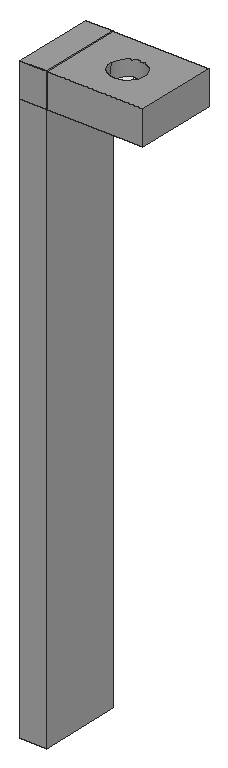
Revit family "MACK BOLLARD-SMALL BASE", category Lighting Fixtures, host Face, Revit 2020
Family settings
  Host = Face
  Round Connector Dimension = Use Diameter
  Part Type = Normal
  Cut with Voids When Loaded = No
  Light Source = Yes
  Shared = No
  Room Calculation Point = No
Parameters (values of type "MBD40H-10301-V-BK")
  border white = white
  Wattage Comments = "10W"  # constant formula
  Wattage = 6.05889 W
  built-in parameter 1150110 = 1 (stored number, unit not read)
  Voltage Comments = "120-277V"  # constant formula
  Voltage = 277 V  # constant formula
  URL = "https://www.abovealllighting.com/product/LED-OUTDOOR-FIXTURES/LEDBOLLARDS/MACKLEDBollardMBD-WB.html"
  Type Comments = "MACK BOLLARD-SMALL BASE"  # constant formula
  built-in parameter 1114217 = 1 (stored number, unit not read)
  Tilt Angle = 90.00°
  built-in parameter 1150109 = 1 (stored number, unit not read)
  built-in parameter 1150134 = (empty or 0)
  TOP PART FINISH = die cast aluminum
  built-in parameter 1150113 = 1 (stored number, unit not read)
  Rod Length = 7.10"
  Replaces/Equiv.(MH) = "75W"  # constant formula
  Photometric Web File = "MBD40H-10301-V-BK_IESNA2002.IES"
  Order number = "16803"
  Model = "MBD40H-10301-V-BK"
  Manufacturer = "Above All Lighting"  # constant formula
  built-in parameter 1150105 = 71.62 (stored number, unit not read)
  Lumens = 900 lm
  built-in parameter 1150115 = 1 (stored number, unit not read)
  built-in parameter 1150137 = (empty or 0)
  built-in parameter 1150139 = (empty or 0)
  built-in parameter 1150112 = 1 (stored number, unit not read)
  built-in parameter 1150114 = 1 (stored number, unit not read)
  Lamp = "MACK LED"  # constant formula
  LOWER PART FINISH = die cast aluminum
  built-in parameter 1150132 = 2
  built-in parameter 1150102 = (empty or 0)
  built-in parameter 1150107 = 3000 (stored number, unit not read)
  built-in parameter 1150138 = (empty or 0)
  built-in parameter 1150106 = 0.7162 (stored number, unit not read)
  IP Rating = "65"  # constant formula
  Fixture Width = 1.57"
  Fixture Length = 4.72"
  Fixture Height = 35.00"
  Finish/Color = die cast aluminum
  built-in parameter 1150104 = 13.8 (stored number, unit not read)
  Dimming Lamp Color Temperature Shift = <None>
  Description = "The MACK led bollard emphasizes a strong, ultra rectilinear design. It's fully shielded light source \r\neffectively contains upward light spill for safety and comfort of passers by. This bollard's overtly \r\nclean lines, with superior UV powder coating, quality die cast aluminum body, tempered safety glass\r\n lens, molded silicone gasket and stainless steel screws. This bollard is an excellent choice for \r\nwalkways, entrances, promenades, plazas, courtyards, driveways, bridges, and landscaped areas. "  # constant formula
  Default Elevation = 48.00"
  Color Filter = 16777215
  CRI = "80"  # constant formula
  Bulb Material = blub
  Base Width = 3.54"
  built-in parameter 1114218 = 1 (stored number, unit not read)
  Average life based on 104F(HRS) = "50000"  # constant formula
  built-in parameter 1150133 = 10 (stored number, unit not read)
  Apparent Load = 0 VA
Types (5): name | built-in parameter 1150134 | Photometric Web File | Order number | Model | built-in parameter 1150107 | Fixture Height
  (no name) | (empty or 0) | "MBD40H-10301-V-BK_IESNA2002.IES" | "16803" | "MBD40H-10301-V-BK" | 3000 (stored number, unit not read) | 35.00"
  MBD40H-10301-V-BK | (empty or 0) | "MBD40H-10301-V-BK_IESNA2002.IES" | "16803" | "MBD40H-10301-V-BK" | 3000 (stored number, unit not read) | 35.00"
  MBD40H-10401-V-BK | 12 | "generic" | "16804" | "MBD40H-10401-V-BK" | 4000 (stored number, unit not read) | 39.40"
  MBDLB40H-10301-V-BK | (empty or 0) | "generic" | "16813" | "MBDLB40H-10301-V-BK" | 3000 (stored number, unit not read) | 39.40"
  MBDLB40H-10401-V-BK | 12 | "generic" | "16814" | "MBDLB40H-10401-V-BK" | 4000 (stored number, unit not read) | 39.40"
Reference planes (in)
  plane 1 "Center (Front/Back)": y = 0
  plane 2: z = 0
  plane 3 "Center (Left/Right)": x = 0
  plane 4: z = 35
  plane 5: x = -0.785
  plane 6: z = 33.03
  plane 7: x = 0.785
  plane 8: x = 6.315
  plane 9: y = 2.36
  plane 10: y = -2.36
  plane 11: x = 3.55
Forms (in)
  Extrusion 1, solid, material "die cast aluminum" <- "TOP PART FINISH"
    sketch origin (0, 0, 0) x (1, 0, 0) y (0, 1, 0)
      loop
        line (-0.785, 2.36) -> (-0.785, -2.36) -> (6.315, -2.36) -> (6.315, 2.36) -> (-0.785, 2.36)
    from 33.03 to 35
  Blend 2, void
    base sketch origin (0, 0, 0) x (1, 0, 0) y (0, 1, 0)
      loop
        circle (3.55, 0) r 1.25
    top sketch origin (0, 0, 0) x (1, 0, 0) y (0, 1, 0)
      loop
        circle (3.55, 0) r 0.5
    from 33.03 to 38.76513
  Revolve 3, solid, material "white" <- "border white"
    sketch origin (3.55, 0, 0) x (0, 1, 0) y (0, 0, 1)
      loop
        line (0.5, 34.36513) -> (0, 34.36513) -> (0, 34.2601) -> (0.44817, 34.2601) -> (1.13917, 33.03) -> (1.25, 33.03) -> (0.5, 34.36513)
      axis (0, 34.36513) -> (0, 33.03)
    angle from 0 to 360
  Revolve 4, solid, material "blub" <- "Bulb Material"
    sketch origin (3.55, 0, 0) x (0, 1, 0) y (0, 0, 1)
      loop
        line (0.44817, 34.2601) -> (0, 34.2601) -> (0, 33.3484)
        arc (0, 33.3484) -> (0.43275, 33.48059) -> (0.67909, 33.86014) r 0.66102
        line (0.67909, 33.86014) -> (0.44817, 34.2601)
      axis (0, 34.2601) -> (0, 33.3484)
    angle from 0 to 360
Cuts and joins
  Blend 2 cuts Extrusion 1
Dimensions and locks (in)
  "Fixture Height": plane 4 to plane 2
  locked: plane 4 to plane 6 at 1.97
  equal spacing: plane 7, plane 3 "Center (Left/Right)", plane 5
  "Fixture Width": plane 7 to plane 5
  "Rod Length": plane 8 to plane 5
  equal spacing: plane 9, plane 1 "Center (Front/Back)", plane 10
  "Fixture Length": plane 9 to plane 10
  equal spacing: plane 7, plane 11, plane 8
  plane 7 to plane 5 = 1.57"
  aligned and locked: plane 2 to host face
  aligned and locked: level to host face
  aligned and locked: Extrusion 1 sketch curve to plane 9
  aligned and locked: Extrusion 1 sketch curve to plane 8
  aligned and locked: plane 5 to Extrusion 1 sketch curve
  aligned and locked: Extrusion 1 sketch curve to plane 10
  aligned and locked: plane 4 to Extrusion 1
  aligned and locked: Extrusion 1 to plane 6
  aligned and locked: plane 3 "Center (Left/Right)" to nested 1
  aligned and locked: imposter light to plane 11
  aligned and locked: plane 6 to imposter light
  aligned and locked: Blend 2 to imposter light
  aligned and locked: plane 4 to nested 1
Automatic sketch dimensions
  host sketch curve to host sketch curve = 96.00"  (x2)
  plane 1 "Center (Front/Back)" to Blend 2 sketch curve = 0.00"  (x2)
  Blend 2 sketch curve to plane 11 = 0.00"  (x2)
  Revolve 3 sketch curve to plane 1 "Center (Front/Back)" = 0.00"  (x2)
  Revolve 3 sketch curve to plane 6 = 0.00"
  Revolve 3 sketch curve to plane 1 "Center (Front/Back)" = 0.44817"
  Revolve 3 sketch curve to Revolve 3 sketch curve = 0.05183"
  Revolve 3 sketch curve to plane 1 "Center (Front/Back)" = 1.13917"
  Revolve 3 sketch curve to Revolve 3 sketch curve = 0.11083"
  Revolve 3 sketch curve to plane 4 = 0.7399"
  Revolve 3 sketch curve to Revolve 3 sketch curve = 0.10503"
  Revolve 3 sketch curve to Revolve 3 sketch curve = 0.55784"
  Revolve 3 sketch curve to plane 4 = 0.29774"
  Revolve 4 sketch curve to plane 1 "Center (Front/Back)" = 0.00"  (x2)
  Revolve 4 sketch curve to plane 1 "Center (Front/Back)" = 0.03493"
  Revolve 4 sketch curve to plane 1 "Center (Front/Back)" = 0.44817"
  Revolve 4 sketch curve to Revolve 4 sketch curve = 0.23092"
  plane 6 to Revolve 4 sketch curve = 0.3184"
  Revolve 4 sketch curve to Revolve 4 sketch curve = 0.51173"
  Revolve 4 sketch curve to Revolve 4 sketch curve = 0.2516"
  Revolve 4 sketch curve to Revolve 4 sketch curve = 0.26726"
  Revolve 4 sketch curve to plane 4 = 0.1878"
  radius of Blend 2 sketch curve = 1.25"
  radius of Blend 2 sketch curve = 0.50"
Nested families (in)
  nested 1: "BASE" at (0, 0, 0), BOTTOM LENGTH <- "Fixture Length", BOTTOM WIDTH <- "Fixture Width", Body Material <- "Finish/Color", LOWER PART FINISH <- "LOWER PART FINISH", BASE HEIGHT_2 <- "Fixture Height", type "BASE"
    with LOWER PART FINISH die cast aluminum, Body Material die cast aluminum, BOTTOM WIDTH 1.57", BOTTOM LENGTH 4.72"
Connectors (in)
  electrical at (0, 0, 0), driven by "Voltage", driven by "Apparent Load"
    settings: on host face, index 1, voltage 277 V, apparent load 0 VA, apparent load phase1 0 VA, apparent load phase2 0 VA, apparent load phase3 0 VA, power factor 1, load classification "Lighting", number of poles 1, system type 30, power factor state 1, is connector primary yes, connector utility no, sub classification motor no, connector description ""
Definition of nested family "BASE"
  Parameters (values of type "BASE")
    LOWER PART FINISH [instance] = none
    Default Elevation = 0.00"
    Body Material [instance] = none
    BOTTOM WIDTH [instance] = 3.54"
    BOTTOM LENGTH [instance] = 5.12"
    BASE HEIGHT_2 [instance] = 35.00"
    BASE HEIGHT_1 = 3.94"
  Reference planes (in)
    plane 1 "Center (Front/Back)": y = 0
    plane 2: z = 0
    plane 3 "Center (Left/Right)": x = 0
    plane 4: x = -1.77
    plane 5: y = 2.56
    plane 6: x = 1.77
    plane 7: y = -2.56
    plane 8: y = 2.46
    plane 9: x = -1.675
    plane 10: y = -2.46
    plane 11: x = 1.675
    plane 12: z = 35
  Forms (in)
    Extrusion 1, solid, material <- "Body Material"
      sketch origin (0, 0, 0) x (1, 0, 0) y (0, 1, 0)
        loop
          line (-1.77, 2.56) -> (-1.77, -2.56) -> (1.77, -2.56) -> (1.77, 2.56) -> (-1.77, 2.56)
      from 0 to 35
  Dimensions and locks (in)
    equal spacing: plane 8, plane 1 "Center (Front/Back)", plane 10
    equal spacing: plane 5, plane 1 "Center (Front/Back)", plane 7
    equal spacing: plane 4, plane 3 "Center (Left/Right)", plane 6
    equal spacing: plane 9, plane 3 "Center (Left/Right)", plane 11
    "BASE HEIGHT_2": plane 12 to plane 2
    "BOTTOM WIDTH": plane 4 to plane 6
    "BOTTOM LENGTH": plane 5 to plane 7
    aligned and locked: plane 2 to level
    aligned and locked: plane 12 to Extrusion 1
  Automatic sketch dimensions
    Extrusion 1 sketch curve to plane 4 = 0.00"
    Extrusion 1 sketch curve to plane 6 = 0.00"
    plane 7 to Extrusion 1 sketch curve = 0.00"
    Extrusion 1 sketch curve to plane 5 = 0.00"
